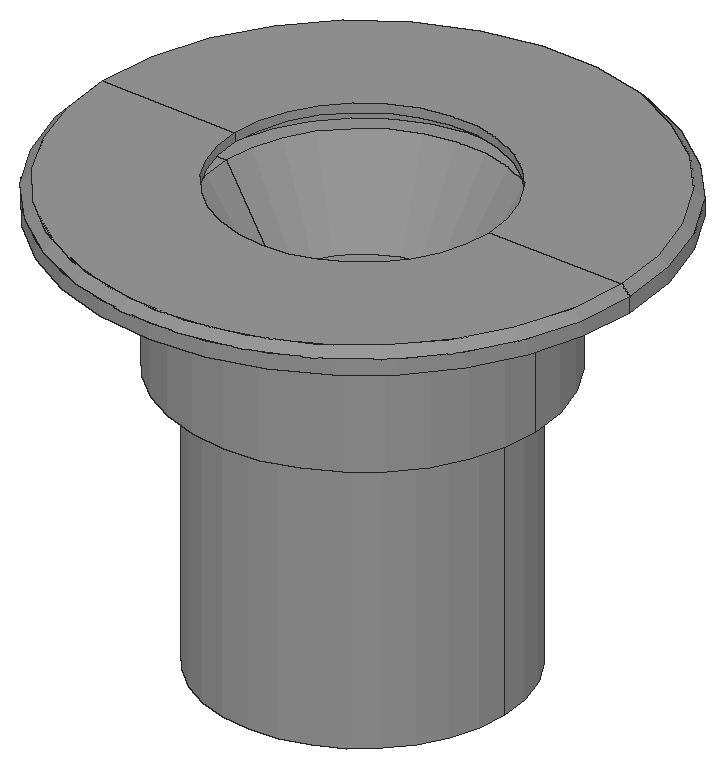
Revit family "0005171", category Lighting Fixtures, host Face, Revit 2017
Family settings
  Host = Face
  Round Connector Dimension = Use Diameter
  Part Type = Normal
  OmniClass Number = 23.80.70.00
  OmniClass Title = Lighting
  Cut with Voids When Loaded = No
  Light Source = No
  Shared = No
  Room Calculation Point = No
Parameters (values of type "0005171 START ECO SPOT ALU 800LM 840 IP44 WHT + WHT Refl")
  Weight = "kg"
  Wattage Comments = ""
  WarrantyStartDate [instance] = "n/a"
  WarrantyGuarantorParts = "n/a"
  WarrantyDurationUnit = "n/a"
  WarrantyDurationParts = "n/a"
  WarrantyDescription = "n/a"
  Voltage = 230 V
  URL = "http://www.sylvania-lighting.com"
  TypeName = "Start eco Spot Aluminium 800lm 840 IP44 WHT + WHT Refl"
  TypeLamp_SYL = START eco Spot Aluminium lamp : 0005171 START ECO SPOT ALU 800LM 840 IP44 WHT + WHT Refl
  Type Image = <None>
  Type Comments = "n/a"
  TiltAnfle_SYL [instance] = 0.00°
  SerialNumber [instance] = "n/a"
  PowerFactor = 0
  PowerConsumption = "9 W"
  NominalLength = 86 mm
  NominalHeight = 64 mm
  NominalDepth = 86 mm
  Name = "Start eco Spot Aluminium 800lm 840 IP44 WHT + WHT Refl"
  ModelReference = Name  # "Start eco Spot Aluminium 800lm 840 IP44 WHT + WHT Refl"
  ModelNumber = "0005171"
  Model = Name  # "Start eco Spot Aluminium 800lm 840 IP44 WHT + WHT Refl"
  Material = "n/a"
  ManufacturerName = "Feilo Sylvania"
  Manufacturer = "Feilo Sylvania"
  LuminousEfficacy = "88.88 lm/W"
  LuminaireType = ""
  LightOutputRatio = "n/a"
  LampsType = Lamp  # "LED"
  LampNominalLuminous = "800 lm"
  LampMacAdamStep = "n/a"
  LampColourTemperature = "4000 K"
  LampColourRenderingIndex = "80"
  Lamp = "LED"
  Keynote = "16500"
  InstallationDate [instance] = "n/a"
  InputVoltage = "220-240 V AC"
  InputNominalFrequency = "50/60 Hz"
  IngressProtection = "IP20/IP44"
  ImpactProtectionIndex = "IK03"
  IfcExportType = "IfcLightFixtureType"
  IfcExportAs = "IfcLightFixtureType"
  EndAngle_SYL [instance] = TiltAnfle_SYL + 180.00°  # 180.00°
  ElectricShockClassification = "Class II"
  DocumentationLiterature = "http://www.sylvania-lighting.com/product/en-int/products/0005171"
  DimmingControlOptions = "n/a"
  Material_2_SYL = Brushed Aluminum
  Description = "Integrated LED recessed spotlight, vertical tilt 30°, white bezel colour, white repleceable reflector, 800lm, 9.0W, dimmable trailing/leading edge, 4000K, 40° degree beam angle, polycarbonate and aluminium body, low profile 62mm recessed depth, IP44 from the front, IK03, loop-in/loop-out terminals for fast wiring, weight 0,165Kg, 85mm bezel diameter, 68-74mm cutout, clear lens. Additional black reflector included in the packaging. Lifetime: 30.000 hours at L70. Energy Class: A++, A+, A."
  Default Elevation = 1219.2 mm
  CreatedOn = "12/16/2019"
  CreatedBy = "@sylvania-lighting.com"
  Cost = 0
  built-in parameter 1114216 [instance] = (empty or 0)
  ClassificationValue = "EF_70_80"
  ClassificationName = "Uniclass2015"
  Material_1_SYL = ABS Plastic
  BarCode [instance] = "n/a"
  AssetType = "Fixed"
  AssetIdentifier [instance] = "n/a"
  Assembly Code = "D5020200"
  Apparent Load = 9 VA
Types (2, lengths in mm): name | TypeName | TypeLamp_SYL | Name | ModelReference | Model | LuminousEfficacy | LampNominalLuminous
  0005171 START ECO SPOT ALU 800LM 840 IP44 WHT + WHT Refl | "Start eco Spot Aluminium 800lm 840 IP44 WHT + WHT Refl" | START eco Spot Aluminium lamp : 0005171 START ECO SPOT ALU 800LM 840 IP44 WHT + WHT Refl | "Start eco Spot Aluminium 800lm 840 IP44 WHT + WHT Refl" | "Start eco Spot Aluminium 800lm 840 IP44 WHT + WHT Refl" | "Start eco Spot Aluminium 800lm 840 IP44 WHT + WHT Refl" | "88.88 lm/W" | "800 lm"
  0005171 START ECO SPOT ALU 800LM 840 IP44 WHT + BLK Refl | "Start eco Spot Aluminium 760lm 840 IP44 WHT + BLK Refl" | START eco Spot Aluminium lamp : 0005171 START ECO SPOT ALU 800LM 840 IP44 WHT + BLK Refl | "Start eco Spot Aluminium 760lm 840 IP44 WHT + BLK Refl" | "Start eco Spot Aluminium 760lm 840 IP44 WHT + BLK Refl" | "Start eco Spot Aluminium 760lm 840 IP44 WHT + BLK Refl" | "84.44 lm/W" | "760 lm"
Reference planes
  plane 1 "Center (Front/Back)": y = 0
  plane 2: z = 0
  plane 3 "Center (Left/Right)": x = 0
  plane 4: z = 4
  plane 5: z = 2.5
  plane 6: x = -47.8
  plane 7: x = -46.3
  plane 8: x = -24.2
  plane 9: x = -22.7
  plane 10: z = -10.75
  plane 11: x = -31
  plane 12: z = -25
  plane 13: z = -60
  plane 14: x = -27.4
Forms (mm)
  Revolve 1, solid, material "ABS Plastic" <- "Material_1_SYL"
    sketch origin (0, 0, 0) x (1, 0, 0) y (0, 0, 1)
      loop
        line (-22.7, 4) -> (-46.3, 4) -> (-47.8, 2.5) -> (-47.8, 0) -> (-31, 0) -> (-31, -25) -> (-27.4, -25) -> (-27.4, 2.5) -> (-22.7, 2.5) -> (-22.7, 4)
      axis (0, 4) -> (0, -25)
    angle from 360 to 0
  Revolve 2, void
    sketch origin (0, 0, 0) x (1, 0, 0) y (0, 0, 1)
      loop
        line (0, -70.042) -> (0, 0) -> (-31, 0) -> (-31, -70.042) -> (0, -70.042)
      axis (0, 0) -> (0, -70.042)
    angle from 360 to 0
  Revolve 3, solid, not visible
    sketch origin (-1534.635, -4572, -10.75) x (-1, 0, 0) y (0, -1, 0)
      loop
        line (-1534.635, -4572) -> (-1519.635, -4572) -> (-1519.635, -4564.52) -> (-1534.635, -4564.52) -> (-1534.635, -4572)
      axis (-1534.635, -4572) -> (-1519.635, -4572)
    angle from 0 <- "TiltAnfle_SYL" to 180 <- "EndAngle_SYL"
Dimensions and locks
  locked: plane 4 to plane 10 at 14.75
  aligned and locked: plane 2 to host face
  aligned and locked: level to host face
  aligned and locked: plane 4 to Revolve 1 sketch curve
  aligned and locked: plane 6 to Revolve 1 sketch curve
  aligned and locked: Revolve 1 sketch curve to plane 6
  aligned and locked: Revolve 1 sketch curve to level
  aligned and locked: Revolve 1 sketch curve to plane 11
  aligned and locked: Revolve 2 sketch curve to plane 3 "Center (Left/Right)"  (x2)
  aligned and locked: Revolve 1 to Revolve 2 sketch curve
  aligned and locked: Revolve 2 sketch curve to Revolve 1
  aligned and locked: Revolve 1 sketch curve to plane 3 "Center (Left/Right)"
  aligned and locked: Revolve 3 sketch curve to plane 1 "Center (Front/Back)"
  aligned and locked: Revolve 3 sketch curve to Revolve 3 sketch curve
  aligned and locked: plane 3 "Center (Left/Right)" to Revolve 3 sketch curve
  aligned and locked: plane 3 "Center (Left/Right)" to nested 1
  aligned and locked: Revolve 1 sketch curve to plane 14
  aligned and locked: Revolve 1 sketch curve to plane 5
Nested families
  nested 1: "START eco Spot Aluminium lamp" at (0, 0, -10.75), type <- "TypeLamp_SYL", type "0005171 START ECO SPOT ALU 800LM 840 IP44 WHT + WHT Refl"
    with WarrantyStartDate "n/a", SerialNumber "n/a", InstallationDate "n/a", built-in parameter 1114216 (empty or 0), BarCode "n/a", AssetIdentifier "n/a"
Connectors
  electrical at (0, 0, -60), driven by "PowerFactor", driven by "Apparent Load", driven by "Voltage"
    settings: on Revolve 1, index 1, voltage 230 V, apparent load 9 VA, apparent load phase1 0 VA, apparent load phase2 0 VA, apparent load phase3 0 VA, power factor 0, load classification "Other", number of poles 1, system type 30, power factor state 1, is connector primary yes, connector utility no, sub classification motor no, connector description ""
Definition of nested family "START eco Spot Aluminium lamp"
  Parameters (values of type "0005177 START ECO SPOT ALU 760LM 840 IP65 BRA")
    Weight = "kg"
    Wattage Comments = ""
    Wattage = 9 W
    WarrantyStartDate [instance] = "n/a"
    WarrantyGuarantorParts = "n/a"
    WarrantyDurationUnit = "n/a"
    WarrantyDurationParts = "n/a"
    WarrantyDescription = "n/a"
    built-in parameter 1150110 = 1 (stored number, unit not read)
    Voltage = 230 V
    URL = "http://www.sylvania-lighting.com"
    TypeName = "Start eco Spot Aluminium 760lm 840 IP65 BRA"
    Type Image = (empty or 0)
    Type Comments = "n/a"
    built-in parameter 1114217 = 1 (stored number, unit not read)
    Tilt Angle = -90.00°
    built-in parameter 1150109 = 1 (stored number, unit not read)
    built-in parameter 1150134 = 12
    built-in parameter 1150113 = 1 (stored number, unit not read)
    SerialNumber [instance] = "n/a"
    Photometric Web File = "0005177.ies"
    Material_3_SYL = none
    PowerFactor = 0
    PowerConsumption = "n/a"
    NominalLength = 0 mm
    NominalHeight = 0 mm
    NominalDepth = 0 mm
    Name = "Start eco Spot Aluminium 760lm 840 IP65 BRA"
    ModelReference = Name  # "Start eco Spot Aluminium 760lm 840 IP65 BRA"
    ModelNumber = "0005177"
    Model = Name  # "Start eco Spot Aluminium 760lm 840 IP65 BRA"
    Material = "n/a"
    ManufacturerName = "Feilo Sylvania"
    Manufacturer = "Feilo Sylvania"
    LuminousEfficacy = "n/a"
    built-in parameter 1150105 = 60.479 (stored number, unit not read)
    Lumens = 760 lm
    LuminaireType = ""
    built-in parameter 1150115 = 1 (stored number, unit not read)
    LightOutputRatio = "n/a"
    built-in parameter 1150137 = (empty or 0)
    built-in parameter 1150139 = (empty or 0)
    LampsType = Lamp  # "LED"
    LampNominalLuminous = "n/a"
    LampMacAdamStep = "n/a"
    LampColourTemperature = "n/a"
    LampColourRenderingIndex = "n/a"
    built-in parameter 1150112 = 1 (stored number, unit not read)
    built-in parameter 1150114 = 1 (stored number, unit not read)
    Lamp = "LED"
    Keynote = "16500"
    InstallationDate [instance] = "n/a"
    InputVoltage = "n/a"
    InputNominalFrequency = "n/a"
    built-in parameter 1150132 = (empty or 0)
    built-in parameter 1150102 = (empty or 0)
    built-in parameter 1150107 = 4000 (stored number, unit not read)
    built-in parameter 1150138 = (empty or 0)
    IngressProtection = "n/a"
    ImpactProtectionIndex = "n/a"
    built-in parameter 1150106 = 0.60479 (stored number, unit not read)
    IfcExportType = "IfcLightFixtureType"
    IfcExportAs = "IfcLightFixtureType"
    Emit from Circle Diameter = 48.4 mm
    Emit Shape Visible in Rendering = no
    ElectricShockClassification = "Class II"
    built-in parameter 1150104 = 7.8451 (stored number, unit not read)
    DocumentationLiterature = "http://www.sylvania-lighting.com/product/en-int/products/0005177"
    DimmingControlOptions = "n/a"
    Material_2_SYL = none
    Dimming Lamp Color Temperature Shift = (empty or 0)
    Description = "Integrated LED recessed spotlight, vertical tilt 30°, brushed aluminium bezel finish, black reflector, 760lm, 9.0W, dimmable trailing/leading edge, 4000K, 40° degree beam angle, polycarbonate and aluminium body, low profile 62mm recessed depth, IP65 from the front, IK03, loop-in/loop-out terminals for fast wiring, weight 0,165Kg, 85mm bezel diameter, 68-74mm cutout, clear lens. Lifetime: 30.000 hours at L70. Energy Class: A++, A+, A."
    Default Elevation = 1219.2 mm
    CreatedOn = "12/16/2019"
    CreatedBy = "@sylvania-lighting.com"
    Cost = 0
    Color Filter = 16777215
    built-in parameter 1114216 [instance] = (empty or 0)
    ClassificationValue = "EF_70_80"
    ClassificationName = "Uniclass2015"
    Material_1_SYL = none
    BarCode [instance] = "n/a"
    built-in parameter 1114218 = 1 (stored number, unit not read)
    built-in parameter 1150133 = 10 (stored number, unit not read)
    AssetType = "Fixed"
    AssetIdentifier [instance] = "n/a"
    Assembly Code = "D5020200"
    Apparent Load = 9 VA
    Material_4_SYL = none
  Types (12, lengths in mm): name | TypeName | built-in parameter 1150134 | Photometric Web File | Name | ModelReference | ModelNumber | Model | built-in parameter 1150105 | Lumens | built-in parameter 1150107 | built-in parameter 1150106 | built-in parameter 1150104 | DocumentationLiterature | Description
    0005177 START ECO SPOT ALU 760LM 840 IP65 BRA | "Start eco Spot Aluminium 760lm 840 IP65 BRA" | 12 | "0005177.ies" | "Start eco Spot Aluminium 760lm 840 IP65 BRA" | "Start eco Spot Aluminium 760lm 840 IP65 BRA" | "0005177" | "Start eco Spot Aluminium 760lm 840 IP65 BRA" | 60.479 (stored number, unit not read) | 760 lm | 4000 (stored number, unit not read) | 0.60479 (stored number, unit not read) | 7.8451 (stored number, unit not read) | "http://www.sylvania-lighting.com/product/en-int/products/0005177" | "Integrated LED recessed spotlight, vertical tilt 30°, brushed aluminium bezel finish, black reflector, 760lm, 9.0W, dimmable trailing/leading edge, 4000K, 40° degree beam angle, polycarbonate and aluminium body, low profile 62mm recessed depth, IP65 from the front, IK03, loop-in/loop-out terminals for fast wiring, weight 0,165Kg, 85mm bezel diameter, 68-74mm cutout, clear lens. Lifetime: 30.000 hours at L70. Energy Class: A++, A+, A."
    0005176 START ECO SPOT ALU 660LM 830 IP65 BRA | "Start eco Spot Aluminium 660lm 830 IP65 BRA" | (empty or 0) | "0005176.ies" | "Start eco Spot Aluminium 660lm 830 IP65 BRA" | "Start eco Spot Aluminium 660lm 830 IP65 BRA" | "0005176" | "Start eco Spot Aluminium 660lm 830 IP65 BRA" | 52.521 (stored number, unit not read) | 660 lm | 3000 (stored number, unit not read) | 0.52521 (stored number, unit not read) | 6.8129 (stored number, unit not read) | "http://www.sylvania-lighting.com/product/en-int/products/0005176" | "Integrated LED recessed spotlight, vertical tilt 30°, brushed aluminium bezel finish, black reflector, 660lm, 9.0W, dimmable trailing/leading edge, 3000K, 40° degree beam angle, polycarbonate and aluminium body, low profile 62mm recessed depth, IP65 from the front, IK03, loop-in/loop-out terminals for fast wiring, weight 0,165Kg, 85mm bezel diameter, 68-74mm cutout, clear lens. Lifetime: 30.000 hours at L70. Energy Class: A++, A+, A."
    0005175 START ECO SPOT ALU 800LM 840 IP65 WHT | "Start eco Spot Aluminium 800lm 840 IP65 WHT" | 12 | "0005175.ies" | "Start eco Spot Aluminium 800lm 840 IP65 WHT" | "Start eco Spot Aluminium 800lm 840 IP65 WHT" | "0005175" | "Start eco Spot Aluminium 800lm 840 IP65 WHT" | 63.662 (stored number, unit not read) | 800 lm | 4000 (stored number, unit not read) | 0.63662 (stored number, unit not read) | 8.258 (stored number, unit not read) | "http://www.sylvania-lighting.com/product/en-int/products/0005175" | "Integrated LED recessed spotlight, vertical tilt 30°, white bezel colour, white reflector, 800lm, 9.0W, dimmable trailing/leading edge, 4000K, 40° degree beam angle, polycarbonate and aluminium body, low profile 62mm recessed depth, IP65 from the front, IK03, loop-in/loop-out terminals for fast wiring, weight 0,165Kg, 85mm bezel diameter, 68-74mm cutout, clear lens. Lifetime: 30.000 hours at L70. Energy Class: A++, A+, A."
    0005174 START ECO SPOT ALU 740LM 830 IP65 WHT | "Start eco Spot Aluminium 740lm 830 IP65 WHT" | (empty or 0) | "0005174.ies" | "Start eco Spot Aluminium 740lm 830 IP65 WHT" | "Start eco Spot Aluminium 740lm 830 IP65 WHT" | "0005174" | "Start eco Spot Aluminium 740lm 830 IP65 WHT" | 58.887 (stored number, unit not read) | 740 lm | 3000 (stored number, unit not read) | 0.58887 (stored number, unit not read) | 7.6387 (stored number, unit not read) | "http://www.sylvania-lighting.com/product/en-int/products/0005174" | "Integrated LED recessed spotlight, vertical tilt 30°, white bezel colour, white reflector, 740lm, 9.0W, dimmable trailing/leading edge, 3000K, 40° degree beam angle, polycarbonate and aluminium body, low profile 62mm recessed depth, IP65 from the front, IK03, loop-in/loop-out terminals for fast wiring, weight 0,165Kg, 85mm bezel diameter, 68-74mm cutout, clear lens. Lifetime: 30.000 hours at L70. Energy Class: A++, A+, A."
    0005173 START ECO SPOT ALU 760LM 840 IP44 BRA + BLK Refl | "Start eco Spot Aluminium 760lm 840 IP44 BRA + BLK Refl" | 12 | "0005173_BLK_REFL.ies" | "Start eco Spot Aluminium 760lm 840 IP44 BRA + BLK Refl" | "Start eco Spot Aluminium 760lm 840 IP44 BRA + BLK Refl" | "0005173" | "Start eco Spot Aluminium 760lm 840 IP44 BRA + BLK Refl" | 60.479 (stored number, unit not read) | 760 lm | 4000 (stored number, unit not read) | 0.60479 (stored number, unit not read) | 7.8451 (stored number, unit not read) | "http://www.sylvania-lighting.com/product/en-int/products/0005173" | "Integrated LED recessed spotlight, vertical tilt 30°, brushed aluminium bezel finish, black repleceable reflector, 760lm, 9.0W, dimmable trailing/leading edge, 4000K, 40° degree beam angle, polycarbonate and aluminium body, low profile 62mm recessed depth, IP44 from the front, IK03, loop-in/loop-out terminals for fast wiring, weight 0,165Kg, 85mm bezel diameter, 68-74mm cutout, clear lens. Additional white reflector included in the packaging. Lifetime: 30.000 hours at L70. Energy Class: A++, A+, A."
    0005173 START ECO SPOT ALU 760LM 840 IP44 BRA + WHT Refl | "Start eco Spot Aluminium 800lm 840 IP44 BRA + WHT Refl" | 12 | "0005173_WHT_REFL.ies" | "Start eco Spot Aluminium 800lm 840 IP44 BRA + WHT Refl" | "Start eco Spot Aluminium 800lm 840 IP44 BRA + WHT Refl" | "0005173" | "Start eco Spot Aluminium 800lm 840 IP44 BRA + WHT Refl" | 63.662 (stored number, unit not read) | 800 lm | 4000 (stored number, unit not read) | 0.63662 (stored number, unit not read) | 8.258 (stored number, unit not read) | "http://www.sylvania-lighting.com/product/en-int/products/0005173" | "Integrated LED recessed spotlight, vertical tilt 30°, brushed aluminium bezel finish, black repleceable reflector, 760lm, 9.0W, dimmable trailing/leading edge, 4000K, 40° degree beam angle, polycarbonate and aluminium body, low profile 62mm recessed depth, IP44 from the front, IK03, loop-in/loop-out terminals for fast wiring, weight 0,165Kg, 85mm bezel diameter, 68-74mm cutout, clear lens. Additional white reflector included in the packaging. Lifetime: 30.000 hours at L70. Energy Class: A++, A+, A."
    0005172 START ECO SPOT ALU 660LM 830 IP44 BRA + BLK Refl | "Start eco Spot Aluminium 660lm 830 IP44 BRA + BLK Refl" | (empty or 0) | "0005172_BLK_REFL.ies" | "Start eco Spot Aluminium 660lm 830 IP44 BRA + BLK Refl" | "Start eco Spot Aluminium 660lm 830 IP44 BRA + BLK Refl" | "0005172" | "Start eco Spot Aluminium 660lm 830 IP44 BRA + BLK Refl" | 52.521 (stored number, unit not read) | 660 lm | 3000 (stored number, unit not read) | 0.52521 (stored number, unit not read) | 6.8129 (stored number, unit not read) | "http://www.sylvania-lighting.com/product/en-int/products/0005172" | "Integrated LED recessed spotlight, vertical tilt 30°, brushed aluminium bezel finish, black repleceable reflector, 660lm, 9.0W, dimmable trailing/leading edge, 3000K, 40° degree beam angle, polycarbonate and aluminium body, low profile 62mm recessed depth, IP44 from the front, IK03, loop-in/loop-out terminals for fast wiring, weight 0,165Kg, 85mm bezel diameter, 68-74mm cutout, clear lens. Additional white reflector included in the packaging. Lifetime: 30.000 hours at L70. Energy Class: A++, A+, A."
    0005172 START ECO SPOT ALU 660LM 830 IP44 BRA + WHT Refl | "Start eco Spot Aluminium 740lm 830 IP44 BRA + WHT Refl" | (empty or 0) | "0005172_WHT_REFL.ies" | "Start eco Spot Aluminium 740lm 830 IP44 BRA + WHT Refl" | "Start eco Spot Aluminium 740lm 830 IP44 BRA + WHT Refl" | "0005172" | "Start eco Spot Aluminium 740lm 830 IP44 BRA + WHT Refl" | 58.887 (stored number, unit not read) | 740 lm | 3000 (stored number, unit not read) | 0.58887 (stored number, unit not read) | 7.6387 (stored number, unit not read) | "http://www.sylvania-lighting.com/product/en-int/products/0005172" | "Integrated LED recessed spotlight, vertical tilt 30°, brushed aluminium bezel finish, black repleceable reflector, 660lm, 9.0W, dimmable trailing/leading edge, 3000K, 40° degree beam angle, polycarbonate and aluminium body, low profile 62mm recessed depth, IP44 from the front, IK03, loop-in/loop-out terminals for fast wiring, weight 0,165Kg, 85mm bezel diameter, 68-74mm cutout, clear lens. Additional white reflector included in the packaging. Lifetime: 30.000 hours at L70. Energy Class: A++, A+, A."
    0005171 START ECO SPOT ALU 800LM 840 IP44 WHT + BLK Refl | "Start eco Spot Aluminium 760lm 840 IP44 WHT + BLK Refl" | 12 | "0005171_BLK_REFL.ies" | "Start eco Spot Aluminium 760lm 840 IP44 WHT + BLK Refl" | "Start eco Spot Aluminium 760lm 840 IP44 WHT + BLK Refl" | "0005171" | "Start eco Spot Aluminium 760lm 840 IP44 WHT + BLK Refl" | 60.479 (stored number, unit not read) | 760 lm | 4000 (stored number, unit not read) | 0.60479 (stored number, unit not read) | 7.8451 (stored number, unit not read) | "http://www.sylvania-lighting.com/product/en-int/products/0005171" | "Integrated LED recessed spotlight, vertical tilt 30°, white bezel colour, white repleceable reflector, 800lm, 9.0W, dimmable trailing/leading edge, 4000K, 40° degree beam angle, polycarbonate and aluminium body, low profile 62mm recessed depth, IP44 from the front, IK03, loop-in/loop-out terminals for fast wiring, weight 0,165Kg, 85mm bezel diameter, 68-74mm cutout, clear lens. Additional black reflector included in the packaging. Lifetime: 30.000 hours at L70. Energy Class: A++, A+, A."
    0005171 START ECO SPOT ALU 800LM 840 IP44 WHT + WHT Refl | "Start eco Spot Aluminium 800lm 840 IP44 WHT + WHT Refl" | 12 | "0005171_WHT_REFL.ies" | "Start eco Spot Aluminium 800lm 840 IP44 WHT + WHT Refl" | "Start eco Spot Aluminium 800lm 840 IP44 WHT + WHT Refl" | "0005171" | "Start eco Spot Aluminium 800lm 840 IP44 WHT + WHT Refl" | 63.662 (stored number, unit not read) | 800 lm | 4000 (stored number, unit not read) | 0.63662 (stored number, unit not read) | 8.258 (stored number, unit not read) | "http://www.sylvania-lighting.com/product/en-int/products/0005171" | "Integrated LED recessed spotlight, vertical tilt 30°, white bezel colour, white repleceable reflector, 800lm, 9.0W, dimmable trailing/leading edge, 4000K, 40° degree beam angle, polycarbonate and aluminium body, low profile 62mm recessed depth, IP44 from the front, IK03, loop-in/loop-out terminals for fast wiring, weight 0,165Kg, 85mm bezel diameter, 68-74mm cutout, clear lens. Additional black reflector included in the packaging. Lifetime: 30.000 hours at L70. Energy Class: A++, A+, A."
    0005170 START ECO SPOT ALU 740LM 830 IP44 WHT + BLK Refl | "Start eco Spot Aluminium 660lm 830 IP44 WHT + BLK Refl" | (empty or 0) | "0005170_BLK_REFL.ies" | "Start eco Spot Aluminium 660lm 830 IP44 WHT + BLK Refl" | "Start eco Spot Aluminium 660lm 830 IP44 WHT + BLK Refl" | "0005170" | "Start eco Spot Aluminium 660lm 830 IP44 WHT + BLK Refl" | 52.521 (stored number, unit not read) | 660 lm | 3000 (stored number, unit not read) | 0.52521 (stored number, unit not read) | 6.8129 (stored number, unit not read) | "http://www.sylvania-lighting.com/product/en-int/products/0005170" | "Integrated LED recessed spotlight, vertical tilt 30°, white bezel colour, white repleceable reflector, 740lm, 9.0W, dimmable trailing/leading edge, 3000K, 40° degree beam angle, polycarbonate and aluminium body, low profile 62mm recessed depth, IP44 from the front, IK03, loop-in/loop-out terminals for fast wiring, weight 0,165Kg, 85mm bezel diameter, 68-74mm cutout, clear lens. Additional black reflector included in the packaging. Lifetime: 30.000 hours at L70. Energy Class: A++, A+, A."
    0005170 START ECO SPOT ALU 740LM 830 IP44 WHT + WHT Refl | "Start eco Spot Aluminium 740lm 830 IP44 WHT + WHT Refl" | (empty or 0) | "0005170_WHT_REFL.ies" | "Start eco Spot Aluminium 740lm 830 IP44 WHT + WHT Refl" | "Start eco Spot Aluminium 740lm 830 IP44 WHT + WHT Refl" | "0005170" | "Start eco Spot Aluminium 740lm 830 IP44 WHT + WHT Refl" | 58.887 (stored number, unit not read) | 740 lm | 3000 (stored number, unit not read) | 0.58887 (stored number, unit not read) | 7.6387 (stored number, unit not read) | "http://www.sylvania-lighting.com/product/en-int/products/0005170" | "Integrated LED recessed spotlight, vertical tilt 30°, white bezel colour, white repleceable reflector, 740lm, 9.0W, dimmable trailing/leading edge, 3000K, 40° degree beam angle, polycarbonate and aluminium body, low profile 62mm recessed depth, IP44 from the front, IK03, loop-in/loop-out terminals for fast wiring, weight 0,165Kg, 85mm bezel diameter, 68-74mm cutout, clear lens. Additional black reflector included in the packaging. Lifetime: 30.000 hours at L70. Energy Class: A++, A+, A."
  Reference planes
    plane 1 "Center (Front/Back)": y = 0
    plane 2: z = 0
    plane 3 "Center (Left/Right)": x = 0
    plane 4: x = -27.3
    plane 5: z = 9.8
    plane 6: x = -24.3
    plane 7: x = -15.2
    plane 8: x = -25.4
    plane 9: z = -6
    plane 10: z = -7
    plane 11: z = -61.6
    plane 12: z = -5.2
  Forms (mm)
    Extrusion 1, solid
      sketch origin (1159.2, -1159.2, 0) x (1, 0, 0) y (0, 1, 0)
        loop
          line (-1219.2, 1219.2) -> (-1219.2, 1099.2) -> (-1099.2, 1099.2) -> (-1099.2, 1219.2) -> (-1219.2, 1219.2)
      from 0 to -68.017
    Revolve 2, solid, material <- "Material_1_SYL"
      sketch origin (0, 0, 0) x (1, 0, 0) y (0, 0, 1)
        loop
          line (0, -5.2) -> (-15.2, -5.2) -> (-24.3, 9.8) -> (-27.3, 9.8) -> (-27.3, -6) -> (-25.4, -7) -> (-25.4, -61.6) -> (0, -61.6) -> (0, -5.2)
        axis (0, 9.8) -> (0, -61.6)
      angle from 360 to 0
  Dimensions and locks
    locked: plane 3 "Center (Left/Right)" to plane 4 at 27.3
    locked: plane 5 to plane 2 at 9.8
    plane 3 "Center (Left/Right)" to plane 7 to plane 6 to plane 8 = 15.2 mm locked, 9.1 mm locked, 1.1 mm locked
    plane 2 to plane 9 to plane 10 = 6 mm locked, 1 mm locked
    locked: plane 2 to plane 11 at 61.6
    locked: plane 5 to plane 12 at 15
    aligned and locked: plane 2 to Extrusion 1
    aligned and locked: level to Extrusion 1
    aligned and locked: imposter light to plane 1 "Center (Front/Back)"
    aligned and locked: Revolve 2 sketch curve to plane 3 "Center (Left/Right)"
    aligned and locked: plane 3 "Center (Left/Right)" to Revolve 2 sketch curve  (x2)
    aligned and locked: plane 7 to Revolve 2 sketch curve
    aligned and locked: Revolve 2 sketch curve to plane 12
    aligned and locked: plane 6 to Revolve 2 sketch curve
    aligned and locked: Revolve 2 sketch curve to plane 5
    aligned and locked: Revolve 2 sketch curve to plane 4
    aligned and locked: plane 10 to Revolve 2 sketch curve
    aligned and locked: Revolve 2 sketch curve to plane 8
    aligned and locked: Revolve 2 sketch curve to plane 11
    aligned and locked: imposter light to plane 5
